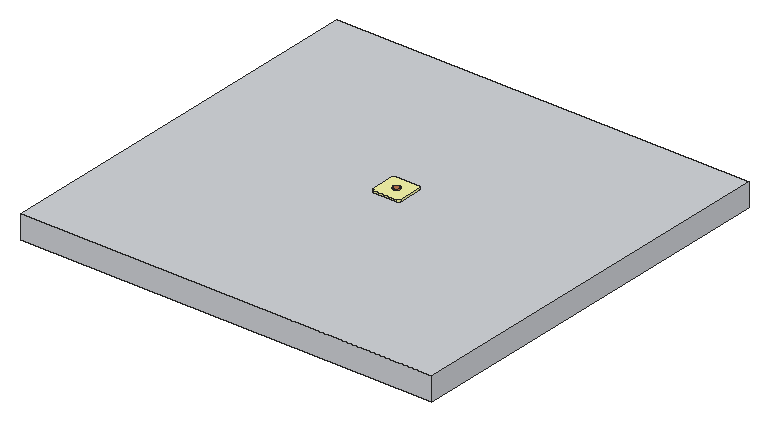
Revit family "ES_Timer Switch", category Lighting Devices, host Face, Revit 2013
Parameters (values of type "1 Gang")
  Switch Voltage = 230 V
  Load Classification = Other
  Label = ""
  Default Elevation = 1200 mm
  Button = Button
  Assembly Code = ""
  Apparent Load = 0 VA
Reference planes
  plane 1 "Center (Front/Back)": y = 0
  plane 2: z = 0
  plane 3 "Center (Left/Right)": x = 0
  plane 4 "level above": z = 6
  plane 5 "level below": z = -53.975
  plane 6: x = -43
  plane 7: x = 43
  plane 8: y = 43
  plane 9: y = -43
  plane 10: y = 32
  plane 11: y = -32
  plane 12: x = -32
  plane 13: x = 32
  plane 14 "Timer": z = 8
Forms (mm)
  Extrusion 1, solid
    sketch origin (0, 0, 0) x (1, 0, 0) y (0, 1, 0)
      loop
        line (-644.525, 571.5) -> (-644.525, -666.75) -> (644.525, -666.75) -> (644.525, 571.5) -> (-644.525, 571.5)
    from 0 to -72.672
  Extrusion 2, solid, material "Face Plate"
    sketch origin (0, 0, 0) x (1, 0, 0) y (0, 1, 0)
      loop
        line (-37, -43) -> (37, -43)
        arc (37, -43) -> (41.243, -41.243) -> (43, -37) r 6
        line (43, -37) -> (43, 37)
        arc (43, 37) -> (41.243, 41.243) -> (37, 43) r 6
        line (37, 43) -> (-37, 43)
        arc (-37, 43) -> (-41.243, 41.243) -> (-43, 37) r 6
        line (-43, 37) -> (-43, -37)
        arc (-43, -37) -> (-41.243, -41.243) -> (-37, -43) r 6
    from 0 to 6
  Extrusion 3, solid, material "Light Body"
    sketch origin (0, 0, 0) x (1, 0, 0) y (0, 1, 0)
      loop
        circle (0, -0.013) r 10
    from 6 to 8
  Extrusion 4, solid, material "Button" <- "Button"
    sketch origin (0, 0, 0) x (1, 0, 0) y (0, 1, 0)
      loop
        circle (5.539, 6.585) r 0.809
    from 8 to 8.5
  Extrusion 5, void
    sketch origin (0, 0, 0) x (1, 0, 0) y (0, 1, 0)
      loop
        circle (0, -0.013) r 10
      loop
        circle (0, -0.013) r 10.5
    from 6 to 5
Cuts and joins
  Extrusion 5 cuts Extrusion 2
Lines and regions (mm)
  symbolic lines, detail levels fine
    curve 1: line (19.05, 0, -53.975) -> (-19.41, 0, -53.975)
    curve 2: line (19.05, 0, 0) -> (19.05, 0, -53.975)
    curve 3: line (-19.41, 0, -53.975) -> (-19.41, 0, 0)
  model lines
    curve 4: line (11.313, 0, 6) -> (14.787, 0, 6)
    curve 5: line (9.804, -5.659, 6) -> (12.813, -7.395, 6)
    curve 6: line (9.791, 5.655, 6) -> (12.8, 7.392, 6)
    curve 7: line (5.645, 9.791, 6) -> (7.382, 12.8, 6)
    curve 8: line (-0.013, 11.3, 6) -> (-0.013, 14.774, 6)
    curve 9: line (-5.668, 9.778, 6) -> (-7.405, 12.786, 6)
    curve 10: line (-9.804, 5.632, 6) -> (-12.813, 7.369, 6)
    curve 11: line (-11.313, -0.026, 6) -> (-14.787, -0.026, 6)
    curve 12: line (-9.791, -5.681, 6) -> (-12.8, -7.418, 6)
    curve 13: line (-5.645, -9.818, 6) -> (-7.382, -12.826, 6)
    curve 14: line (0.013, -11.327, 6) -> (0.013, -14.8, 6)
    curve 15: line (5.668, -9.804, 6) -> (7.405, -12.813, 6)
Dimensions and locks
  plane 4 "level above" to level = 6 mm
  locked: level to plane 5 "level below" at 53.975
  plane 6 to plane 3 "Center (Left/Right)" to plane 7 = 43 mm, 43 mm
  plane 6 to plane 7 = 86 mm
  plane 1 "Center (Front/Back)" to plane 9 = 43 mm
  plane 1 "Center (Front/Back)" to plane 8 = 43 mm
  plane 12 to plane 3 "Center (Left/Right)" to plane 13 = 32 mm, 32 mm
  plane 10 to plane 1 "Center (Front/Back)" to plane 11 = 32 mm, 32 mm
  plane 12 to plane 13 = 64 mm
  plane 10 to plane 11 = 64 mm
  aligned and locked: plane 2 to Extrusion 1
  aligned and locked: level to Extrusion 1
  aligned and locked: plane 4 "level above" to Extrusion 2
Nested families
  nested 1: "SW_Tim" at (0, 0, 0), type "SW_Tim"
Connectors
  electrical at (0, 0, 0)
    settings: on cut or joined group of Extrusion 2, Extrusion 5, index 1, voltage 0 V, apparent load 0 VA, apparent load phase1 0 VA, apparent load phase2 0 VA, apparent load phase3 0 VA, power factor 1, load classification "Other", number of poles 1, system type 31, power factor state 1, is connector primary yes, connector utility no, sub classification motor no, connector description ""
Definition of nested family "SW_Tim"
  Reference planes
    plane 1: y = 0
    plane 2: x = 0
  Lines and regions (mm)
    Filled region 1, type "Filled region 1"
      outline origin (0, 0, 0) x (1, 0, 0) y (0, 1, 0)
        loop
          circle (0, 0.837) r 0.85
    detail lines, style "Switch Symbols"
      curve 1: line (0, 0.837, 0) -> (3.157, 3.994, 0)
  Text (mm)
    text "T" at (-0.088, 3.445, 0)
